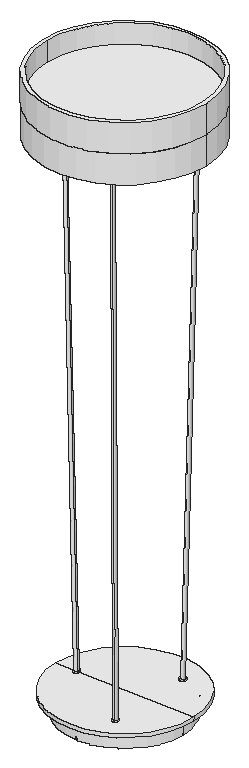
Revit family "DEEP FOCUS ROUND LIGHT", category Lighting Fixtures, host Face, Revit 2020 (continued)
Types (13): name | Wattage Comments | Wattage | Surface Mount | Photometric Web File | Order number | built-in parameter 1150142 | Model | built-in parameter 1150105 | Lumens | built-in parameter 1150106 | Fixture Diameter | Finish/Color | D2 | D1 | Apparent Load | Aircraft Cable Pendant Mount
  DFRD19-25-40901-SMK | "25 W" | 14.1374 W | yes | "DFRD19_25_XX901.IES" | "16829" | "IESNA:LM-63-2002\r\n[TEST] \r\n[DATE] 2019-08-21\r\n[MANUFAC] Aboveall lighting\r\n[LUMCAT] \r\n[LUMINAIRE] DFRD19-25-30901\r\n[LAMPCAT] \r\n[LAMP]2835\r\nTILT=NONE\r\n1 2137.34 1.13 91 13 1 2 0.48 0.48 0.08\r\n1 1 24.53\r\n0. 1. 2. 3. 4. 5. 6. 7. 8. 9. 10. 11. 12. 13. 14. 15. 16. 17. 18. 19. 20. 21. 22. 23. 24. 25. 26. 27. 28. 29. 30. 31. 32. 33. 34. 35. 36. 37. 38. 39. 40. 41. 42. 43. 44. 45. 46. 47. 48. 49. 50. 51. 52. 53. 54. 55. 56. 57. 58. 59. 60. 61. 62. 63. 64. 65. 66. 67. 68. 69. 70. 71. 72. 73. 74. 75. 76. 77. 78. 79. 80. 81. 82. 83. 84. 85. 86. 87. 88. 89. 90. \r\n0. 30. 60. 90. 120. 150. 180. 210. 240. 270. 300. 330. 360. \r\n711.917 711.59 709.82 709.82 706.634 705.218 703.802 700.969 697.429 695.659 691.765 689.641 684.684 679.728 676.896 671.231 665.213 658.84 655.3 648.22 644.68 636.891 628.394 624.5 615.295 611.047 601.842 597.24 587.681 577.769 572.812 562.192 557.235 546.261 534.932 529.267 517.939 511.92 499.883 494.219 481.828 469.437 462.357 449.612 436.867 430.14 417.041 403.234 396.508 383.055 369.248 362.168 348.29 334.341 327.261 313.241 306.161 292.071 277.556 270.263 255.075 247.994 234.577 219.495 212.38 198.289 191.173 177.402 170.498 156.691 143.026 136.229 122.988 116.51 103.694 77.0 77.0 72.504 60.751 54.343 43.297 32.606 27.402 17.347 8.39 4.567 0.637 0.708 0.743 0.814 0.885 \r\n711.917 711.236 710.528 709.466 709.112 707.342 705.218 703.802 700.969 699.553 694.243 689.995 689.995 685.392 680.436 677.604 675.126 669.461 663.089 656.362 653.176 646.096 642.201 634.413 626.27 618.128 613.525 604.675 599.718 590.514 580.601 575.645 565.732 560.422 549.447 537.764 532.454 520.771 515.106 497.051 491.387 485.368 472.623 466.605 453.86 447.488 434.389 414.563 408.191 401.11 394.384 380.931 366.77 358.981 345.528 331.474 324.464 310.409 296.142 274.83 274.83 260.421 253.305 238.931 224.806 217.69 203.494 196.59 182.606 168.728 161.86 148.159 140.654 127.201 120.581 107.553 88.648 88.648 76.115 70.168 58.556 47.298 41.775 31.048 20.817 15.931 7.576 4.496 0.248 0.212 0.212 \r\n711.917 711.944 711.59 711.236 710.174 709.82 708.404 707.342 705.218 702.74 700.969 697.783 694.243 692.119 687.871 682.914 680.436 675.126 669.461 666.275 659.903 653.176 649.636 646.096 638.661 630.872 622.022 617.774 608.923 604.321 595.116 585.203 580.247 570.334 565.378 554.757 549.447 538.472 526.789 521.125 509.442 503.424 491.387 479.35 472.269 459.878 447.134 440.761 427.662 414.563 407.837 394.384 387.303 373.85 360.043 346.307 339.368 325.561 318.587 304.32 290.053 282.866 267.501 260.421 246.189 239.144 225.195 211.034 204.025 189.934 183.031 169.118 162.391 148.903 135.415 128.688 115.695 102.95 102.95 84.258 72.292 66.344 54.06 48.289 46.944 27.083 16.993 12.355 2.16 0.248 0.212 \r\n711.917 711.59 710.882 709.82 709.112 707.342 704.864 703.802 700.969 697.429 695.659 691.411 687.162 684.684 679.374 674.064 671.231 665.213 662.027 655.3 648.22 644.68 636.891 632.997 624.854 620.606 611.755 602.905 597.948 588.035 583.079 573.166 562.9 557.589 546.969 541.304 530.329 518.647 512.628 500.945 488.909 482.89 470.499 458.108 451.736 438.991 425.538 419.166 405.005 391.198 384.471 371.018 364.646 350.272 343.263 329.243 315.33 308.214 294.159 287.008 272.882 258.544 251.358 237.161 230.116 215.955 201.051 194.112 180.376 173.508 159.736 146.142 139.521 126.139 113.146 106.632 76.894 76.894 75.372 63.583 52.219 46.59 35.615 30.305 20.038 10.125 6.266 0.885 0.549 0.212 0.212 \r\n711.917 712.298 712.298 711.59 710.528 709.466 708.758 706.634 705.572 702.74 701.323 697.783 693.889 692.119 689.995 685.392 680.436 674.772 671.939 665.921 662.735 656.008 648.928 645.742 641.847 634.059 625.916 617.066 612.817 603.259 594.054 589.098 579.185 569.272 563.962 553.341 548.031 536.702 525.373 519.355 507.672 495.635 489.617 477.58 471.207 458.816 445.717 439.345 425.538 419.166 405.359 391.906 385.179 371.372 364.646 350.874 344.006 329.951 315.932 308.71 294.62 280.246 272.953 258.686 244.454 237.515 223.354 208.379 201.334 187.35 173.366 166.569 152.939 146.283 132.795 119.625 113.146 100.437 100.437 81.78 69.814 63.972 52.396 46.625 35.367 30.623 20.286 10.267 1.168 0.248 0.177 \r\n711.917 712.298 711.59 710.882 709.466 707.696 706.634 704.156 702.74 699.553 697.783 693.889 689.641 687.162 682.56 680.082 674.418 668.399 665.213 658.84 655.654 645.033 641.139 637.245 624.854 620.252 616.003 606.799 597.594 592.992 583.079 573.166 567.856 557.589 546.615 540.95 529.621 523.957 512.628 506.256 488.554 482.182 475.81 463.419 457.046 443.239 430.14 423.414 410.315 403.234 389.782 382.701 368.894 355.087 341.174 327.19 320.039 312.993 291.54 284.424 277.308 262.828 247.57 240.348 226.08 211.884 204.803 183.704 183.704 169.861 155.983 142.389 135.698 128.9 115.802 102.844 90.17 77.567 77.567 65.601 59.83 42.271 36.783 31.402 16.179 16.179 7.576 1.876 0.177 0.177 0.177 \r\n711.917 713.006 713.006 713.006 712.298 711.944 710.528 709.82 708.05 705.572 704.156 701.323 699.553 696.013 691.765 689.995 684.684 679.728 676.896 671.231 668.399 662.027 655.3 648.22 644.325 636.891 628.394 624.5 624.5 611.401 602.196 592.638 587.681 577.061 572.104 561.838 556.173 545.552 533.87 528.205 516.522 510.858 498.821 486.784 480.412 468.021 461.649 448.55 435.805 429.078 415.625 402.172 395.092 380.577 366.77 359.689 345.847 332.005 324.783 310.445 303.293 296.106 274.157 266.935 252.526 245.375 231.037 216.663 209.512 202.361 188.306 173.26 159.488 152.691 138.919 132.051 118.882 112.332 105.889 86.878 80.824 68.681 56.892 51.015 46.767 29.49 24.322 14.657 4.071 0.248 0.177 \r\n711.917 711.236 711.236 710.528 710.174 708.404 706.634 705.572 703.094 700.261 698.491 694.951 691.057 688.579 684.33 679.02 676.542 670.877 667.691 661.673 654.946 654.946 644.325 639.723 631.935 623.792 619.19 610.693 606.091 601.488 587.327 582.371 572.458 567.502 556.881 551.217 540.242 528.913 523.249 511.566 498.821 493.511 480.412 468.021 461.649 455.276 435.805 429.078 415.625 409.253 395.8 381.993 374.912 361.105 347.157 340.324 326.128 326.128 304.709 290.407 283.114 267.926 260.669 246.366 239.179 224.983 210.822 203.812 189.722 182.712 168.764 155.028 148.159 134.636 121.395 114.775 102.03 89.533 83.444 76.505 58.804 53.068 46.66 31.19 25.915 16.002 11.4 3.576 0.779 0.743 0.779 \r\n711.917 711.236 710.174 709.466 708.05 705.926 704.864 702.032 700.615 697.429 695.659 691.411 684.684 684.684 679.374 673.71 670.877 664.859 658.486 654.946 647.866 640.431 636.537 628.394 620.252 615.649 606.799 602.196 592.992 583.079 577.769 567.856 562.192 551.925 540.242 534.224 522.895 517.23 499.529 499.529 487.138 474.747 468.729 455.984 449.612 436.513 423.414 416.687 402.88 389.427 382.347 367.832 353.883 346.944 332.783 318.693 311.648 297.487 283.008 275.644 261.306 254.332 239.887 225.691 218.54 204.449 197.369 183.35 176.481 162.604 147.982 141.114 127.803 121.218 108.261 77.39 77.39 76.611 70.628 58.839 47.475 41.846 31.013 20.427 15.577 6.974 0.85 0.602 0.673 0.743 0.779 \r\n711.917 711.944 711.944 711.236 710.174 709.466 707.696 706.634 704.156 702.74 699.907 696.367 694.243 689.995 687.871 683.268 678.312 675.48 669.461 666.629 660.257 657.07 649.636 642.555 634.413 630.518 630.518 612.817 608.569 599.364 589.806 584.849 574.937 564.316 559.005 548.385 542.72 531.391 525.727 514.044 502.361 495.635 483.952 477.934 465.543 452.444 445.009 432.264 425.538 412.085 405.359 391.906 377.745 371.018 357.211 343.475 336.359 322.34 307.896 300.85 286.371 272.104 264.952 250.685 235.533 228.452 214.185 207.282 193.227 179.278 172.269 165.4 151.629 138.105 124.758 118.209 105.358 105.358 86.524 80.328 68.291 56.467 50.626 47.085 33.42 22.87 13.205 4.992 0.779 0.743 0.814 \r\n711.917 711.944 710.882 709.466 708.758 706.988 704.51 703.094 699.907 696.367 694.243 689.995 687.871 683.268 677.958 675.126 669.461 666.629 659.903 653.176 649.636 642.201 634.413 630.165 625.916 617.42 608.569 603.967 594.762 589.452 579.539 569.272 563.962 553.341 542.366 536.702 525.373 513.69 507.672 495.989 483.598 477.226 464.835 452.09 445.717 432.619 425.184 411.731 398.278 391.552 377.745 370.664 356.857 349.954 335.863 321.809 314.764 300.603 293.31 278.901 264.421 257.412 235.958 235.958 220.876 206.715 199.635 185.721 171.879 164.94 151.239 137.574 130.918 117.89 104.862 77.319 77.319 73.566 67.583 55.901 50.165 38.978 28.11 22.87 12.603 8.355 1.947 0.637 0.673 0.743 0.814 \r\n711.917 712.298 711.944 711.59 710.528 709.112 708.404 705.926 703.448 702.032 698.845 695.305 693.181 688.579 686.454 681.498 676.188 673.356 667.337 660.965 657.424 650.698 647.158 639.723 635.475 627.332 618.836 614.587 609.985 601.134 591.576 581.309 575.999 565.732 560.422 549.801 538.826 533.162 521.479 509.796 503.778 491.741 479.35 473.331 460.941 447.842 441.469 428.37 414.917 414.917 393.676 386.949 373.142 366.416 352.573 338.625 331.474 317.49 310.267 296.071 281.521 274.476 260.031 252.915 238.648 231.639 217.513 203.387 196.413 182.323 174.534 160.727 147.027 133.609 126.989 113.819 101.11 101.11 82.523 70.522 64.716 53.104 47.369 36.5 25.95 25.95 10.869 3.646 0.814 0.779 0.885 \r\n711.917 711.59 709.82 709.82 706.634 705.218 703.802 700.969 697.429 695.659 691.765 689.641 684.684 679.728 676.896 671.231 665.213 658.84 655.3 648.22 644.68 636.891 628.394 624.5 615.295 611.047 601.842 597.24 587.681 577.769 572.812 562.192 557.235 546.261 534.932 529.267 517.939 511.92 499.883 494.219 481.828 469.437 462.357 449.612 436.867 430.14 417.041 403.234 396.508 383.055 369.248 362.168 348.29 334.341 327.261 313.241 306.161 292.071 277.556 270.263 255.075 247.994 234.577 219.495 212.38 198.289 191.173 177.402 170.498 156.691 143.026 136.229 122.988 116.51 103.694 77.0 77.0 72.504 60.751 54.343 43.297 32.606 27.402 17.347 8.39 4.567 0.637 0.708 0.743 0.814 0.885 \r\n" | "DFRD19-25-40901-SMK" | 167.11 (stored number, unit not read) | 2100 lm | 1.6711 (stored number, unit not read) | 1' - 6 115/128" | White-PMMA Aluminum | 0' - 7 243/256" | 0' - 9 115/256" | 31.25 VA | no
  DFRD24-40-40901-SMK | "40 W" | 22.8892 W | yes | "DFRD24_40_XX901.IES" | "16830" | "IESNA:LM-63-2002\r\n[TEST] \r\n[DATE] 2022-08-05\r\n[MANUFAC] Aboveall lighting\r\n[LUMCAT] \r\n[LUMINAIRE] DFRD24-40-30901\r\n[LAMPCAT] \r\n[LAMP] SAMSUNG 2835 3000K\r\nTILT=NONE\r\n1 3788.7 1.2 91 13 1 2 0.6 0.6 0.10\r\n1 1 41.6\r\n0. 1. 2. 3. 4. 5. 6. 7. 8. 9. 10. 11. 12. 13. 14. 15. 16. 17. 18. 19. 20. 21. 22. 23. 24. 25. 26. 27. 28. 29. 30. 31. 32. 33. 34. 35. 36. 37. 38. 39. 40. 41. 42. 43. 44. 45. 46. 47. 48. 49. 50. 51. 52. 53. 54. 55. 56. 57. 58. 59. 60. 61. 62. 63. 64. 65. 66. 67. 68. 69. 70. 71. 72. 73. 74. 75. 76. 77. 78. 79. 80. 81. 82. 83. 84. 85. 86. 87. 88. 89. 90. \r\n0. 30. 60. 90. 120. 150. 180. 210. 240. 270. 300. 330. 360. \r\n1300.361 1303.52 1301.042 1299.626 1296.439 1291.837 1289.359 1283.695 1280.508 1273.782 1265.639 1261.391 1252.54 1247.584 1236.255 1222.802 1216.43 1202.623 1195.542 1180.319 1164.388 1155.892 1138.898 1129.694 1102.434 1102.434 1083.67 1064.199 1054.286 1033.753 1013.573 1002.953 899.577 899.577 899.577 899.577 899.577 888.249 864.175 827.71 827.71 803.283 776.023 766.464 741.328 715.485 702.74 689.995 663.797 637.599 622.73 596.532 583.433 556.881 543.428 516.876 490.325 477.226 450.32 423.414 410.315 383.763 370.31 344.643 318.799 306.019 280.423 255.464 243.074 218.54 192.66 180.694 157.577 135.344 124.369 103.198 76.434 72.929 54.52 45.882 32.995 29.065 21.454 17.701 7.47 4.39 1.77 0.885 0.92 1.027 1.133 \r\n1300.361 1296.085 1295.731 1294.315 1292.191 1290.775 1287.235 1282.987 1280.508 1274.844 1268.471 1264.931 1257.143 1248.292 1243.69 1233.069 1221.032 1214.66 1201.561 1187.4 1180.319 1172.531 1156.954 1139.96 1130.756 1112.346 1103.496 1075.528 1065.969 1056.411 1036.231 1026.673 1005.431 905.95 905.95 905.95 905.95 905.95 894.621 882.938 859.219 835.499 823.462 797.264 773.545 748.409 735.664 710.174 697.783 671.939 658.84 632.997 606.445 593.7 567.148 554.403 528.205 502.007 488.909 462.357 449.258 422.706 395.092 381.639 355.795 343.015 317.348 304.638 267.112 254.65 242.33 205.83 194.076 182.04 159.134 136.689 114.987 104.508 77.284 73.637 55.122 37.81 32.712 24.64 21.277 13.453 7.293 3.363 1.239 0.283 0.283 \r\n1300.361 1297.147 1297.147 1296.793 1295.731 1295.023 1292.191 1289.005 1286.881 1282.278 1279.8 1274.136 1267.409 1263.869 1255.373 1246.168 1240.858 1229.883 1223.51 1211.12 1204.393 1190.586 1175.009 1167.574 1151.643 1143.501 1126.153 1107.744 1098.894 1080.13 1070.218 1051.1 1031.275 1020.654 998.704 998.704 998.704 998.704 998.704 998.704 886.125 862.405 850.368 826.294 801.867 789.83 764.694 752.303 726.813 714.422 688.225 660.611 647.512 634.413 608.923 583.079 556.881 543.782 530.683 503.778 478.288 466.605 439.699 413.501 400.402 374.558 348.998 336.111 310.763 285.734 271.785 248.632 223.177 211.282 187.385 164.091 152.656 130.423 119.519 108.721 77.425 67.654 49.811 46.838 31.402 23.047 19.117 11.86 3.646 0.389 0.283 \r\n1300.361 1299.626 1297.856 1296.793 1294.669 1291.129 1289.005 1284.757 1282.278 1273.074 1270.242 1266.701 1258.559 1253.956 1244.752 1239.441 1227.759 1215.722 1201.915 1194.834 1180.319 1171.469 1155.184 1139.252 1130.402 1112.346 1093.937 1084.379 1064.907 1045.082 1035.523 1014.282 1004.015 903.472 903.472 903.472 903.472 903.472 891.789 866.653 854.616 830.189 818.152 775.669 775.669 756.905 731.416 718.671 693.181 666.983 653.884 628.04 614.587 588.39 562.192 549.093 523.249 495.281 483.598 455.63 429.432 416.333 390.136 364.292 351.441 326.092 313.383 288.318 263.749 251.429 226.859 214.893 191.173 179.207 156.054 133.326 120.793 76.859 76.859 68.362 50.555 42.235 31.402 27.26 19.542 12.143 6.018 3.717 0.637 0.283 0.283 \r\n1300.361 1300.688 1300.688 1300.334 1299.626 1297.856 1296.439 1293.253 1289.359 1286.881 1281.924 1279.092 1275.906 1265.285 1261.391 1252.54 1242.628 1237.317 1225.635 1212.89 1205.101 1190.586 1183.152 1167.574 1151.643 1134.65 1125.799 1108.098 1098.54 1079.776 1060.305 1050.746 1030.213 1019.592 998.704 998.704 998.704 998.704 998.704 998.704 895.329 871.963 847.536 835.853 811.071 798.68 773.545 748.409 735.664 710.528 683.976 670.877 644.68 618.482 605.383 579.185 552.633 537.764 510.858 484.66 471.561 466.251 432.619 406.067 406.067 366.77 341.174 328.323 302.656 289.876 264.917 240.277 228.382 204.237 192.236 168.622 144.194 132.972 111.27 100.401 79.868 60.786 52.254 47.227 28.11 24.109 16.462 9.594 2.16 0.319 0.319 \r\n1300.361 1302.458 1301.75 1300.688 1298.21 1295.377 1291.483 1289.005 1284.049 1280.862 1274.844 1267.763 1263.161 1254.311 1249.708 1239.087 1226.342 1219.97 1206.517 1199.083 1185.63 1168.99 1161.202 1144.563 1135.712 1118.011 1109.16 1090.397 1070.926 1061.367 1041.188 1020.654 1010.033 896.745 896.745 896.745 896.745 896.745 896.745 872.318 860.635 836.561 811.779 799.388 775.315 750.179 737.08 711.59 698.491 672.293 646.096 632.643 606.445 591.576 565.024 551.925 511.92 485.368 485.368 458.462 445.363 405.005 391.906 378.453 352.078 339.085 313.17 287.397 274.794 249.658 224.664 212.521 186.961 163.276 151.877 129.432 107.801 76.611 76.611 57.812 49.209 34.305 30.234 22.516 18.834 11.824 5.806 1.876 0.283 0.283 0.319 \r\n1300.361 1305.29 1305.644 1305.29 1304.582 1302.458 1300.688 1298.564 1296.793 1292.899 1287.589 1281.57 1278.738 1270.596 1266.701 1258.559 1248.292 1248.292 1231.299 1225.28 1211.827 1197.312 1190.232 1173.593 1166.512 1149.165 1140.314 1122.613 1103.85 1094.291 1075.174 1055.703 1045.436 1024.902 1004.015 1004.015 1004.015 1004.015 1004.015 1004.015 890.019 878.336 853.2 842.579 816.382 791.6 791.6 766.464 740.974 715.485 688.579 675.834 649.282 635.829 609.985 596.886 570.334 543.428 530.329 503.424 489.971 466.605 435.805 422.352 395.8 369.602 356.503 330.305 304.178 291.433 266.121 241.162 228.983 204.414 180.057 168.339 145.327 134.246 112.757 102.101 80.611 61.707 52.75 47.262 32.252 24.428 16.993 10.302 5.063 0.389 0.283 \r\n1300.361 1295.731 1295.023 1293.253 1291.837 1288.651 1286.881 1282.632 1277.322 1274.136 1268.117 1264.577 1256.789 1251.478 1242.274 1231.653 1225.635 1213.598 1206.871 1193.064 1178.195 1170.407 1154.475 1137.482 1128.632 1110.93 1092.875 1083.316 1064.553 1044.728 1035.169 1013.928 1002.245 1002.245 1002.245 1002.245 1002.245 902.056 890.373 867.007 854.97 831.251 818.86 794.786 769.65 757.259 731.416 719.025 693.181 680.082 654.592 626.624 613.171 587.327 561.13 547.677 521.479 495.281 481.474 467.313 430.14 417.395 390.844 365.0 352.113 326.482 300.957 288.424 263.359 249.517 224.912 212.804 188.766 165.755 165.755 132.299 121.466 100.826 100.826 71.265 53.493 47.121 32.499 28.641 21.135 13.984 10.656 4.39 0.956 0.991 1.097 \r\n1300.361 1295.023 1293.961 1291.483 1287.589 1284.757 1280.154 1276.968 1271.304 1264.223 1260.329 1251.832 1247.23 1237.317 1231.299 1219.616 1205.809 1199.083 1184.213 1177.133 1161.556 1144.917 1136.42 1117.303 1108.098 1089.335 1070.572 1060.659 1041.188 1020.654 1010.387 898.515 898.515 898.515 898.515 898.515 898.515 875.504 863.467 839.747 813.549 802.929 775.669 764.694 739.558 714.068 701.323 675.126 662.381 636.183 609.985 596.886 570.334 557.235 530.683 504.486 491.387 465.189 438.637 423.768 397.57 384.471 358.273 332.996 320.145 295.009 269.802 257.589 233.125 209.052 197.015 173.472 161.966 139.663 117.784 107.27 76.753 76.753 58.237 41.173 34.447 26.481 18.94 15.4 8.709 5.629 0.814 0.814 0.92 0.991 1.097 \r\n1300.361 1299.272 1298.564 1297.502 1295.377 1293.961 1290.775 1288.651 1284.049 1279.092 1273.074 1269.534 1261.745 1253.248 1248.646 1238.379 1227.405 1220.678 1207.225 1200.499 1185.63 1170.053 1161.556 1145.271 1136.774 1118.719 1100.664 1090.751 1071.988 1062.429 1042.249 1021.716 1011.095 1011.095 1011.095 1011.095 1011.095 1011.095 897.453 885.771 861.343 849.66 825.586 800.805 775.669 763.278 737.434 711.944 698.845 672.647 646.45 633.351 607.153 594.054 567.148 554.403 525.727 499.529 486.076 466.251 466.251 434.389 395.092 381.993 356.149 343.652 318.198 293.062 280.459 255.748 243.428 219.106 195.068 181.863 158.886 136.441 125.466 104.225 83.833 74.062 56.007 46.66 46.66 26.339 18.87 15.4 8.709 2.726 0.956 0.991 1.062 \r\n1300.361 1298.918 1297.856 1295.377 1293.961 1290.067 1285.465 1282.987 1276.968 1273.782 1266.701 1258.913 1254.665 1244.752 1234.131 1228.467 1215.722 1202.269 1194.48 1179.257 1163.68 1155.184 1138.19 1120.135 1111.284 1092.521 1082.962 1063.491 1053.578 1033.045 1012.511 1001.891 900.286 900.286 900.286 900.286 900.286 886.833 862.759 851.076 839.039 814.257 776.023 776.023 752.303 726.813 714.068 687.871 661.673 648.928 622.376 595.824 569.272 556.527 528.205 516.522 488.2 475.102 448.196 421.29 408.191 381.639 368.54 342.767 316.994 304.355 266.439 266.439 229.479 229.479 205.37 181.367 169.72 135.91 135.91 112.651 76.717 76.717 54.838 45.846 33.031 29.136 21.56 17.914 11.046 4.85 2.089 0.85 0.92 0.991 1.062 \r\n1300.361 1303.166 1302.104 1301.396 1299.272 1296.439 1296.439 1290.421 1287.589 1282.278 1276.26 1272.72 1265.285 1261.037 1256.789 1242.274 1236.963 1224.926 1218.2 1204.747 1198.021 1182.089 1166.512 1157.662 1141.022 1123.321 1114.117 1095.353 1076.944 1066.677 1046.852 1026.318 1016.406 1005.785 1005.785 1005.785 1005.785 1005.785 904.534 880.814 867.361 843.287 831.251 806.823 781.687 769.296 743.452 730.708 704.864 691.765 665.567 639.369 625.916 600.072 586.619 560.422 533.516 520.417 493.157 466.605 466.605 426.6 399.694 386.595 360.397 347.759 321.844 296.319 270.9 258.403 233.373 221.089 196.696 173.26 161.683 139.132 128.157 117.465 106.986 75.62 57.706 49.139 47.121 30.552 22.941 15.719 12.32 5.841 0.991 0.991 1.133 \r\n1300.361 1303.52 1301.042 1299.626 1296.439 1291.837 1289.359 1283.695 1280.508 1273.782 1265.639 1261.391 1252.54 1247.584 1236.255 1222.802 1216.43 1202.623 1195.542 1180.319 1164.388 1155.892 1138.898 1129.694 1102.434 1102.434 1083.67 1064.199 1054.286 1033.753 1013.573 1002.953 899.577 899.577 899.577 899.577 899.577 888.249 864.175 827.71 827.71 803.283 776.023 766.464 741.328 715.485 702.74 689.995 663.797 637.599 622.73 596.532 583.433 556.881 543.428 516.876 490.325 477.226 450.32 423.414 410.315 383.763 370.31 344.643 318.799 306.019 280.423 255.464 243.074 218.54 192.66 180.694 157.577 135.344 124.369 103.198 76.434 72.929 54.52 45.882 32.995 29.065 21.454 17.701 7.47 4.39 1.77 0.885 0.92 1.027 1.133 \r\n" | "DFRD24-40-40901-SMK" | 270.56 (stored number, unit not read) | 3400 lm | 2.7056 (stored number, unit not read) | 1' - 11 77/128" | White-PMMA Aluminum | 0' - 10 77/256" | 0' - 11 205/256" | 50 VA | no
